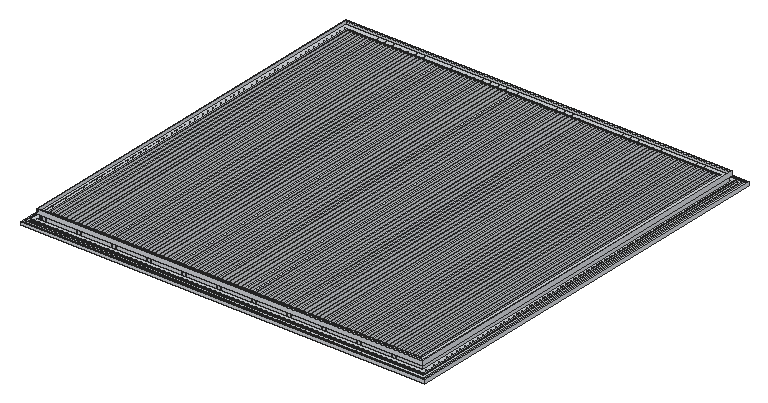
Revit family "GHV", category Air Terminals, Revit 2012
Parameters (values of type "GHV-24-24")
  separacion = 3/16"
  plano primer rejilla = ancho liston / 2  # 1/32"
  ancho liston = 1/16"
  Width = B + 2"  # 26"
  URL = "http://www.innes.com.mx"
  N° de rejillas = (B + 1/2") / (separacion + ancho liston)  # 98
  Mínima velocidad de cuello = 0 FPM
  Mínima presión estática = 0.00 in-wg
  Máximo nivel de ruido (NC) = ""
  Máxima velocidad de cuello = 0 FPM
  Máxima presión estática = 0.00 in-wg
  Material = ""
  Manufacturer = "INNES"
  Height = A + 2"  # 26"
  Cuello = ""
  B = 24"
  Alto del liston = A + 1/2"  # 24 1/2"
  A = 24"
Types (5): name | Width | N° de rejillas | Height | B | Alto del liston | A
  (no name) | 26" | 98 | 26" | 24" | 24 1/2" | 24"
  GHV-06-06 | 8" | 26 | 8" | 6" | 6 1/2" | 6"
  GHV-12-12 | 14" | 50 | 14" | 12" | 12 1/2" | 12"
  GHV-24-24 | 26" | 98 | 26" | 24" | 24 1/2" | 24"
  GHV-48-36 | 50" | 194 | 38" | 48" | 36 1/2" | 36"
Reference planes (in)
  plane 1 "Center (Front/Back)": y = 0
  plane 2: z = 0
  plane 3 "Center (Left/Right)": x = 0
  plane 4: x = -12
  plane 5: x = 12
  plane 6: y = 12
  plane 7: y = -12
  plane 8: y = 13
  plane 9: z = 0.875
  plane 10 "Arriba 1/4": y = 12.25
  plane 11 "ref level 2": z = 0.125
  plane 12: z = 0.625
  plane 13: y = 5.49997
  plane 14: x = -12.25
  plane 15: y = -12.25
  plane 16: x = -12.21875
Forms (in)
  Sweep 1, solid
    path origin (0, 0, 0) x (1, 0, 0) y (0, 1, 0)
      loop
        line (-12, 12) -> (-12, -12) -> (12, -12) -> (12, 12) -> (-12, 12)
    profile origin (0, 12, 0) x (0, 1, 0) y (0, 0, 1)
      loop
        line (0, 0.68777) -> (0, 0.625) -> (0.25, 0.625) -> (0.25, 0.125) -> (0, 0.125) -> (0, 0) -> (1, 0) -> (1, 0.20921) -> (0.89585, 0.20921) -> (0.89585, 0.125) -> (0.79739, 0.125) -> (0.79739, 0.20921) -> (0.71413, 0.20921) -> (0.71413, 0.125) -> (0.4791, 0.125) -> (0.4791, 0.29033) -> (0.60724, 0.29033) -> (0.60724, 0.34297) -> (0.42616, 0.34297) -> (0.42616, 0.125) -> (0.31076, 0.125) -> (0.31076, 0.59107) -> (0.40992, 0.59107) -> (0.40992, 0.875) -> (0.3588, 0.875) -> (0.3588, 0.68777) -> (0, 0.68777)
Lines and regions (in)
  model lines
    curve 1: line (-12.25, 12.25, 0.59107) -> (-12.25, 12.25, 0.49358)
    curve 2: line (-11.66015, 12.25, 0.125) -> (-11.57625, 12.25, 0.125)
Dimensions and locks (in)
  equal spacing: plane 4, plane 3 "Center (Left/Right)", plane 5
  equal spacing: plane 6, plane 1 "Center (Front/Back)", plane 7
  "B": plane 4 to plane 5
  "A": plane 6 to plane 7
  locked: plane 8 to plane 6 at 1
  locked: plane 9 to level at 0.875
  locked: plane 10 "Arriba 1/4" to plane 6 at 0.25
  locked: plane 11 "ref level 2" to level at 0.125
  locked: plane 11 "ref level 2" to plane 12 at 0.5
  locked: plane 14 to plane 4 at 0.25
  locked: plane 7 to plane 15 at 0.25
  "plano primer rejilla": plane 14 to plane 16
  equal spacing: group 1, group 2, group 3, group 4, group 5, group 6, group 7, group 8, group 9, group 10, group 11, group 12, group 13, group 14, group 15, group 16, group 17, group 18, group 19, group 20, group 21, group 22, group 23, group 24, group 25, group 26, group 27, group 28, group 29, group 30, group 31, group 32, group 33, group 34, group 35, group 36, group 37, group 38, group 39, group 40, group 41, group 42, group 43, group 44, group 45, group 46, group 47, group 48, group 49, group 50, group 51, group 52, group 53, group 54, group 55, group 56, group 57, group 58, group 59, group 60, group 61, group 62, group 63, group 64, group 65, group 66, group 67, group 68, group 69, group 70, group 71, group 72, group 73, group 74, group 75, group 76, group 77, group 78, group 79, group 80, group 81, group 82, group 83, group 84, group 85, group 86, group 87, group 88, group 89, group 90, group 91, group 92, group 93, group 94, group 95, group 96, group 97, group 98  (x3)
  "separacion": nested 1 to nested 2
  aligned and locked: plane 2 to level
  aligned and locked: Sweep 1 sketch curve to plane 4
  aligned and locked: Sweep 1 sketch curve to plane 6
  aligned and locked: plane 5 to Sweep 1 sketch curve
  aligned and locked: plane 7 to Sweep 1 sketch curve
  aligned and locked: Sweep 1 sketch curve to level
  aligned and locked: Sweep 1 sketch curve to plane 10 "Arriba 1/4"
  aligned and locked: Sweep 1 sketch curve to plane 11 "ref level 2"
  aligned and locked: plane 12 to Sweep 1 sketch curve
  aligned and locked: Sweep 1 sketch curve to Sweep 1 sketch curve  (x3)
  aligned and locked: plane 8 to Sweep 1 sketch curve
  aligned and locked: plane 1 "Center (Front/Back)" to nested 1
  aligned and locked: nested 1 to plane 16
Automatic sketch dimensions
  Sweep 1 sketch curve to profile plane = 0"  (x2)
  Sweep 1 sketch curve to Sweep 1 sketch curve = 0.06076"
  Sweep 1 sketch curve to Sweep 1 sketch curve = 0.1088"
  Sweep 1 sketch curve to Sweep 1 sketch curve = 0.09916"
  Sweep 1 sketch curve to Sweep 1 sketch curve = 0.1154"
  Sweep 1 sketch curve to Sweep 1 sketch curve = 0.05294"
  Sweep 1 sketch curve to Sweep 1 sketch curve = 0.12814"
  Sweep 1 sketch curve to Sweep 1 sketch curve = 0.10689"
  Sweep 1 sketch curve to Sweep 1 sketch curve = 0.08326"
  Sweep 1 sketch curve to Sweep 1 sketch curve = 0.09846"
  Sweep 1 sketch curve to Sweep 1 sketch curve = 0.08421"  (x2)
  Sweep 1 sketch curve to Sweep 1 sketch curve = 0.16533"
  Sweep 1 sketch curve to Sweep 1 sketch curve = 0.05264"
  Sweep 1 sketch curve to Sweep 1 sketch curve = 0.03393"
  Sweep 1 sketch curve to Sweep 1 sketch curve = 0.06277"
  Sweep 1 sketch curve to Sweep 1 sketch curve = 0.18723"
  curve 2 to plane 11 "ref level 2" = 0"
  plane 12 to curve 1 = 0.13142"
  plane 12 to curve 1 = 0.03393"
  curve 2 to plane 4 = 87/256"
  curve 1 to plane 14 = 0"
  curve 2 to curve 2 = 0.0839"
Nested families (in)
  nested 1: "Barra" at (-12.21875, 0, 0.125), type "Barra"
    with Largo barra 24 1/2", Ancho barra 1/16"
  nested 2: "Barra" at (-11.96875, 0, 0.125), type "Barra"
    with Largo barra 24 1/2", Ancho barra 1/16"
  nested 3: "Barra" at (-11.71875, 0, 0.125), type "Barra"
    with Largo barra 24 1/2", Ancho barra 1/16"
  nested 4: "Barra" at (-11.46875, 0, 0.125), type "Barra"
    with Largo barra 24 1/2", Ancho barra 1/16"
  nested 5: "Barra" at (-11.21875, 0, 0.125), type "Barra"
    with Largo barra 24 1/2", Ancho barra 1/16"
  nested 6: "Barra" at (-10.96875, 0, 0.125), type "Barra"
    with Largo barra 24 1/2", Ancho barra 1/16"
  nested 7: "Barra" at (-10.71875, 0, 0.125), type "Barra"
    with Largo barra 24 1/2", Ancho barra 1/16"
  nested 8: "Barra" at (-10.46875, 0, 0.125), type "Barra"
    with Largo barra 24 1/2", Ancho barra 1/16"
  nested 9: "Barra" at (-10.21875, 0, 0.125), type "Barra"
    with Largo barra 24 1/2", Ancho barra 1/16"
  nested 10: "Barra" at (-9.96875, 0, 0.125), type "Barra"
    with Largo barra 24 1/2", Ancho barra 1/16"
  nested 11: "Barra" at (-9.71875, 0, 0.125), type "Barra"
    with Largo barra 24 1/2", Ancho barra 1/16"
  nested 12: "Barra" at (-9.46875, 0, 0.125), type "Barra"
    with Largo barra 24 1/2", Ancho barra 1/16"
  nested 13: "Barra" at (-9.21875, 0, 0.125), type "Barra"
    with Largo barra 24 1/2", Ancho barra 1/16"
  nested 14: "Barra" at (-8.96875, 0, 0.125), type "Barra"
    with Largo barra 24 1/2", Ancho barra 1/16"
  nested 15: "Barra" at (-8.71875, 0, 0.125), type "Barra"
    with Largo barra 24 1/2", Ancho barra 1/16"
  nested 16: "Barra" at (-8.46875, 0, 0.125), type "Barra"
    with Largo barra 24 1/2", Ancho barra 1/16"
  nested 17: "Barra" at (-8.21875, 0, 0.125), type "Barra"
    with Largo barra 24 1/2", Ancho barra 1/16"
  nested 18: "Barra" at (-7.96875, 0, 0.125), type "Barra"
    with Largo barra 24 1/2", Ancho barra 1/16"
  nested 19: "Barra" at (-7.71875, 0, 0.125), type "Barra"
    with Largo barra 24 1/2", Ancho barra 1/16"
  nested 20: "Barra" at (-7.46875, 0, 0.125), type "Barra"
    with Largo barra 24 1/2", Ancho barra 1/16"
  nested 21: "Barra" at (-7.21875, 0, 0.125), type "Barra"
    with Largo barra 24 1/2", Ancho barra 1/16"
  nested 22: "Barra" at (-6.96875, 0, 0.125), type "Barra"
    with Largo barra 24 1/2", Ancho barra 1/16"
  nested 23: "Barra" at (-6.71875, 0, 0.125), type "Barra"
    with Largo barra 24 1/2", Ancho barra 1/16"
  nested 24: "Barra" at (-6.46875, 0, 0.125), type "Barra"
    with Largo barra 24 1/2", Ancho barra 1/16"
  nested 25: "Barra" at (-6.21875, 0, 0.125), type "Barra"
    with Largo barra 24 1/2", Ancho barra 1/16"
  nested 26: "Barra" at (-5.96875, 0, 0.125), type "Barra"
    with Largo barra 24 1/2", Ancho barra 1/16"
  nested 27: "Barra" at (-5.71875, 0, 0.125), type "Barra"
    with Largo barra 24 1/2", Ancho barra 1/16"
  nested 28: "Barra" at (-5.46875, 0, 0.125), type "Barra"
    with Largo barra 24 1/2", Ancho barra 1/16"
  nested 29: "Barra" at (-5.21875, 0, 0.125), type "Barra"
    with Largo barra 24 1/2", Ancho barra 1/16"
  nested 30: "Barra" at (-4.96875, 0, 0.125), type "Barra"
    with Largo barra 24 1/2", Ancho barra 1/16"
  nested 31: "Barra" at (-4.71875, 0, 0.125), type "Barra"
    with Largo barra 24 1/2", Ancho barra 1/16"
  nested 32: "Barra" at (-4.46875, 0, 0.125), type "Barra"
    with Largo barra 24 1/2", Ancho barra 1/16"
  nested 33: "Barra" at (-4.21875, 0, 0.125), type "Barra"
    with Largo barra 24 1/2", Ancho barra 1/16"
  nested 34: "Barra" at (-3.96875, 0, 0.125), type "Barra"
    with Largo barra 24 1/2", Ancho barra 1/16"
  nested 35: "Barra" at (-3.71875, 0, 0.125), type "Barra"
    with Largo barra 24 1/2", Ancho barra 1/16"
  nested 36: "Barra" at (-3.46875, 0, 0.125), type "Barra"
    with Largo barra 24 1/2", Ancho barra 1/16"
  nested 37: "Barra" at (-3.21875, 0, 0.125), type "Barra"
    with Largo barra 24 1/2", Ancho barra 1/16"
  nested 38: "Barra" at (-2.96875, 0, 0.125), type "Barra"
    with Largo barra 24 1/2", Ancho barra 1/16"
  nested 39: "Barra" at (-2.71875, 0, 0.125), type "Barra"
    with Largo barra 24 1/2", Ancho barra 1/16"
  nested 40: "Barra" at (-2.46875, 0, 0.125), type "Barra"
    with Largo barra 24 1/2", Ancho barra 1/16"
  nested 41: "Barra" at (-2.21875, 0, 0.125), type "Barra"
    with Largo barra 24 1/2", Ancho barra 1/16"
  nested 42: "Barra" at (-1.96875, 0, 0.125), type "Barra"
    with Largo barra 24 1/2", Ancho barra 1/16"
  nested 43: "Barra" at (-1.71875, 0, 0.125), type "Barra"
    with Largo barra 24 1/2", Ancho barra 1/16"
  nested 44: "Barra" at (-1.46875, 0, 0.125), type "Barra"
    with Largo barra 24 1/2", Ancho barra 1/16"
  nested 45: "Barra" at (-1.21875, 0, 0.125), type "Barra"
    with Largo barra 24 1/2", Ancho barra 1/16"
  nested 46: "Barra" at (-0.96875, 0, 0.125), type "Barra"
    with Largo barra 24 1/2", Ancho barra 1/16"
  nested 47: "Barra" at (-0.71875, 0, 0.125), type "Barra"
    with Largo barra 24 1/2", Ancho barra 1/16"
  nested 48: "Barra" at (-0.46875, 0, 0.125), type "Barra"
    with Largo barra 24 1/2", Ancho barra 1/16"
  nested 49: "Barra" at (-0.21875, 0, 0.125), type "Barra"
    with Largo barra 24 1/2", Ancho barra 1/16"
  nested 50: "Barra" at (0.03125, 0, 0.125), type "Barra"
    with Largo barra 24 1/2", Ancho barra 1/16"
  nested 51: "Barra" at (0.28125, 0, 0.125), type "Barra"
    with Largo barra 24 1/2", Ancho barra 1/16"
  nested 52: "Barra" at (0.53125, 0, 0.125), type "Barra"
    with Largo barra 24 1/2", Ancho barra 1/16"
  nested 53: "Barra" at (0.78125, 0, 0.125), type "Barra"
    with Largo barra 24 1/2", Ancho barra 1/16"
  nested 54: "Barra" at (1.03125, 0, 0.125), type "Barra"
    with Largo barra 24 1/2", Ancho barra 1/16"
  nested 55: "Barra" at (1.28125, 0, 0.125), type "Barra"
    with Largo barra 24 1/2", Ancho barra 1/16"
  nested 56: "Barra" at (1.53125, 0, 0.125), type "Barra"
    with Largo barra 24 1/2", Ancho barra 1/16"
  nested 57: "Barra" at (1.78125, 0, 0.125), type "Barra"
    with Largo barra 24 1/2", Ancho barra 1/16"
  nested 58: "Barra" at (2.03125, 0, 0.125), type "Barra"
    with Largo barra 24 1/2", Ancho barra 1/16"
  nested 59: "Barra" at (2.28125, 0, 0.125), type "Barra"
    with Largo barra 24 1/2", Ancho barra 1/16"
  nested 60: "Barra" at (2.53125, 0, 0.125), type "Barra"
    with Largo barra 24 1/2", Ancho barra 1/16"
  nested 61: "Barra" at (2.78125, 0, 0.125), type "Barra"
    with Largo barra 24 1/2", Ancho barra 1/16"
  nested 62: "Barra" at (3.03125, 0, 0.125), type "Barra"
    with Largo barra 24 1/2", Ancho barra 1/16"
  nested 63: "Barra" at (3.28125, 0, 0.125), type "Barra"
    with Largo barra 24 1/2", Ancho barra 1/16"
  nested 64: "Barra" at (3.53125, 0, 0.125), type "Barra"
    with Largo barra 24 1/2", Ancho barra 1/16"
  nested 65: "Barra" at (3.78125, 0, 0.125), type "Barra"
    with Largo barra 24 1/2", Ancho barra 1/16"
  nested 66: "Barra" at (4.03125, 0, 0.125), type "Barra"
    with Largo barra 24 1/2", Ancho barra 1/16"
  nested 67: "Barra" at (4.28125, 0, 0.125), type "Barra"
    with Largo barra 24 1/2", Ancho barra 1/16"
  nested 68: "Barra" at (4.53125, 0, 0.125), type "Barra"
    with Largo barra 24 1/2", Ancho barra 1/16"
  nested 69: "Barra" at (4.78125, 0, 0.125), type "Barra"
    with Largo barra 24 1/2", Ancho barra 1/16"
  nested 70: "Barra" at (5.03125, 0, 0.125), type "Barra"
    with Largo barra 24 1/2", Ancho barra 1/16"
  nested 71: "Barra" at (5.28125, 0, 0.125), type "Barra"
    with Largo barra 24 1/2", Ancho barra 1/16"
  nested 72: "Barra" at (5.53125, 0, 0.125), type "Barra"
    with Largo barra 24 1/2", Ancho barra 1/16"
  nested 73: "Barra" at (5.78125, 0, 0.125), type "Barra"
    with Largo barra 24 1/2", Ancho barra 1/16"
  nested 74: "Barra" at (6.03125, 0, 0.125), type "Barra"
    with Largo barra 24 1/2", Ancho barra 1/16"
  nested 75: "Barra" at (6.28125, 0, 0.125), type "Barra"
    with Largo barra 24 1/2", Ancho barra 1/16"
  nested 76: "Barra" at (6.53125, 0, 0.125), type "Barra"
    with Largo barra 24 1/2", Ancho barra 1/16"
  nested 77: "Barra" at (6.78125, 0, 0.125), type "Barra"
    with Largo barra 24 1/2", Ancho barra 1/16"
  nested 78: "Barra" at (7.03125, 0, 0.125), type "Barra"
    with Largo barra 24 1/2", Ancho barra 1/16"
  nested 79: "Barra" at (7.28125, 0, 0.125), type "Barra"
    with Largo barra 24 1/2", Ancho barra 1/16"
  nested 80: "Barra" at (7.53125, 0, 0.125), type "Barra"
    with Largo barra 24 1/2", Ancho barra 1/16"
  nested 81: "Barra" at (7.78125, 0, 0.125), type "Barra"
    with Largo barra 24 1/2", Ancho barra 1/16"
  nested 82: "Barra" at (8.03125, 0, 0.125), type "Barra"
    with Largo barra 24 1/2", Ancho barra 1/16"
  nested 83: "Barra" at (8.28125, 0, 0.125), type "Barra"
    with Largo barra 24 1/2", Ancho barra 1/16"
  nested 84: "Barra" at (8.53125, 0, 0.125), type "Barra"
    with Largo barra 24 1/2", Ancho barra 1/16"
  nested 85: "Barra" at (8.78125, 0, 0.125), type "Barra"
    with Largo barra 24 1/2", Ancho barra 1/16"
  nested 86: "Barra" at (9.03125, 0, 0.125), type "Barra"
    with Largo barra 24 1/2", Ancho barra 1/16"
  nested 87: "Barra" at (9.28125, 0, 0.125), type "Barra"
    with Largo barra 24 1/2", Ancho barra 1/16"
  nested 88: "Barra" at (9.53125, 0, 0.125), type "Barra"
    with Largo barra 24 1/2", Ancho barra 1/16"
  nested 89: "Barra" at (9.78125, 0, 0.125), type "Barra"
    with Largo barra 24 1/2", Ancho barra 1/16"
  nested 90: "Barra" at (10.03125, 0, 0.125), type "Barra"
    with Largo barra 24 1/2", Ancho barra 1/16"
  nested 91: "Barra" at (10.28125, 0, 0.125), type "Barra"
    with Largo barra 24 1/2", Ancho barra 1/16"
  nested 92: "Barra" at (10.53125, 0, 0.125), type "Barra"
    with Largo barra 24 1/2", Ancho barra 1/16"
  nested 93: "Barra" at (10.78125, 0, 0.125), type "Barra"
    with Largo barra 24 1/2", Ancho barra 1/16"
  nested 94: "Barra" at (11.03125, 0, 0.125), type "Barra"
    with Largo barra 24 1/2", Ancho barra 1/16"
  nested 95: "Barra" at (11.28125, 0, 0.125), type "Barra"
    with Largo barra 24 1/2", Ancho barra 1/16"
  nested 96: "Barra" at (11.53125, 0, 0.125), type "Barra"
    with Largo barra 24 1/2", Ancho barra 1/16"
  nested 97: "Barra" at (11.78125, 0, 0.125), type "Barra"
    with Largo barra 24 1/2", Ancho barra 1/16"
  nested 98: "Barra" at (12.03125, 0, 0.125), type "Barra"
    with Largo barra 24 1/2", Ancho barra 1/16"
Connectors (in)
  hvac at (0, 0, 0.20921), driven by "Height", driven by "Width"
    settings: on Sweep 1, index 1, duct flow 0 CFM, flow factor 0, pres drop 0.00 in-wg, loss coef 0, conn angle 0.00°, conn width 26", conn height 26", conn radius 12", duct sys type 1, conn prof type 1, flow config 0, flow direction 0, loss method 0, conn ref index -1, conn util no, is conn primary yes, conn desc ""
Definition of nested family "Barra"
  Parameters (values of type "Barra")
    Largo barra = 2 1/2"
    Ancho barra = 1/32"
  Reference planes (in)
    plane 1 "Center (Front/Back)": y = 0
    plane 2: z = 0
    plane 3 "Center (Left/Right)": x = 0
    plane 4: z = 0.5
  Forms (in)
    Extrusion 1, solid
      sketch origin (0, 0, 0) x (1, 0, 0) y (0, 1, 0)
        loop
          line (-0.01562, 1.25) -> (-0.01562, -1.25) -> (0.01563, -1.25) -> (0.01563, 1.25) -> (-0.01562, 1.25)
      from 0 to 0.5
  Dimensions and locks (in)
    equal spacing: Extrusion 1, plane 1 "Center (Front/Back)", Extrusion 1
    equal spacing: Extrusion 1, plane 3 "Center (Left/Right)", Extrusion 1
    "Ancho barra": Extrusion 1 to Extrusion 1
    "Largo barra": Extrusion 1 to Extrusion 1
    locked: plane 4 to level at 0.5
    aligned and locked: plane 2 to level
    aligned and locked: plane 4 to Extrusion 1
  Automatic sketch dimensions
    Extrusion 1 sketch curve to plane 3 "Center (Left/Right)" = 1/64"
    plane 3 "Center (Left/Right)" to Extrusion 1 sketch curve = 1/64"
    plane 1 "Center (Front/Back)" to Extrusion 1 sketch curve = 1 1/4"
    Extrusion 1 sketch curve to plane 1 "Center (Front/Back)" = 1 1/4"
